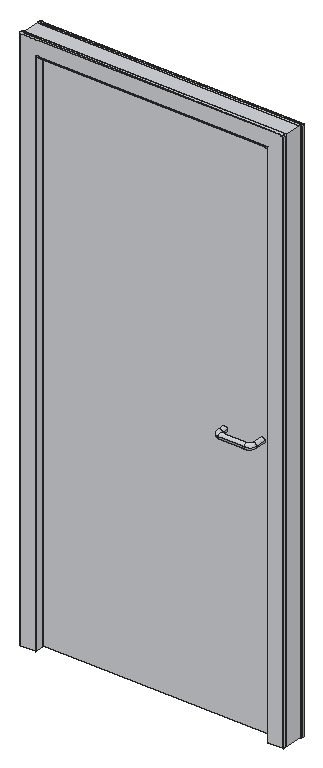
Revit family "Acoustique Tunnel 46db 1V", category Portes, Revit 2020
Family settings
  Hôte = Mur
  Numéro OmniClass = 23.30.10.00
  Titre OmniClass = Doors
  Toujours verticalement = Oui
  Couper avec des vides une fois chargée = Non
  Partagée = Non
  Point de calcul de pièce = Non
Parameters
  Fonction = Intérieur
  Projection - Ext. de l'encadrement = 25 mm
  Projection Int. de l'encadrement = 25 mm
  Largeur du cadre = 75 mm
  Hauteur = 2180 mm
  Fermeture du mur = Par hôte
  Largeur = 1055 mm
Reference planes
  plane 1: y = 0
  plane 2 "Centre (gauche/droite)": x = 0
  plane 3 "Gauche": x = -527.5
  plane 4 "Droite": x = 527.5
  plane 5: z = 2180
  plane 6 "Extérieur": y = 75
  plane 7 "Intérieur": y = -75
  plane 8 "Niv haut du vantail": z = 2124
  plane 9 "Niv bas Paumelle du bas": z = 120
  plane 10 "Niv bas Paumelle du haut": z = 1930
  plane 11 "Niv Axe béquille": z = 1035
Forms (mm)
  Sweep 1, solid
    path origin (0, 75, 0) x (1, 0, 0) y (0, 0, 1)
      loop
        line (-527.5, 0) -> (-527.5, 2180) -> (527.5, 2180) -> (527.5, 0)
    profile origin (-527.5, 75, 1090) x (-1, 0, 0) y (0, -1, 0)
      loop
        arc (-8, 0) -> (-5.879, 0.879) -> (-5, 3) r 3
        line (-5, 3) -> (-5, 12)
        arc (-5, 12) -> (-5.879, 14.121) -> (-8, 15) r 3
        line (-8, 15) -> (-8, 85)
        arc (-8, 85) -> (-5.879, 85.879) -> (-5, 88) r 3
        line (-5, 88) -> (-5, 97)
        arc (-5, 97) -> (-5.879, 99.121) -> (-8, 100) r 3
        line (-8, 100) -> (-66.777, 100)
        arc (-66.777, 100) -> (-68.898, 99.121) -> (-69.777, 97) r 3
        line (-69.777, 97) -> (-69.777, 65.972)
        arc (-69.777, 65.972) -> (-68.898, 63.85) -> (-66.777, 62.972) r 3
        line (-66.777, 62.972) -> (-51.277, 62.972)
        arc (-51.277, 62.972) -> (-50.216, 62.532) -> (-49.777, 61.472) r 1.5
        line (-49.777, 61.472) -> (-49.777, 2)
        arc (-49.777, 2) -> (-49.191, 0.586) -> (-47.777, 0) r 2
        line (-47.777, 0) -> (-8, 0)
  Extrusion 2, solid
    sketch origin (0, 0, 0) x (1, 0, 0) y (0, 1, 0)
      loop
        line (-471.516, 75) -> (-471.516, 17.028) -> (471.069, 17.028) -> (471.069, 75) -> (491.277, 75) -> (491.277, 87.028) -> (-491.495, 87.028) -> (-491.495, 75) -> (-471.516, 75)
    from 0 to 2124
  Extrusion 3, solid
    sketch origin (0, 0, 2124) x (1, 0, 0) y (0, 1, 0)
      loop
        line (-491.495, 75) -> (491.277, 75) -> (491.277, 87.028) -> (-491.495, 87.028) -> (-491.495, 75)
    from 0 to 20
  Sweep 4, solid
    path origin (0, 0, 1035) x (1, 0, 0) y (0, 1, 0)
      loop
        line (406.069, 87.028) -> (406.069, 130.028)
        arc (406.069, 130.028) -> (401.383, 141.342) -> (390.069, 146.028) r 16
        line (390.069, 146.028) -> (287.069, 146.028)
        arc (287.069, 146.028) -> (275.756, 141.342) -> (271.069, 130.028) r 16
        line (271.069, 130.028) -> (271.069, 106.028)
    profile origin (406.069, 108.528, 1035) x (-1, 0, 0) y (0, 0, 1)
      loop
        circle (0, 0) r 10
  Sweep 5, solid
    path origin (0, 104.057, 1035) x (1, 0, 0) y (0, -1, 0)
      loop
        line (406.069, 87.028) -> (406.069, 130.028)
        arc (406.069, 130.028) -> (401.383, 141.342) -> (390.069, 146.028) r 16
        line (390.069, 146.028) -> (287.069, 146.028)
        arc (287.069, 146.028) -> (275.756, 141.342) -> (271.069, 130.028) r 16
        line (271.069, 130.028) -> (271.069, 106.028)
    profile origin (406.069, -4.472, 1035) x (1, 0, 0) y (0, 0, 1)
      loop
        circle (0, 0) r 10
  Extrusion 6, solid
    sketch origin (0, 0, 120) x (1, 0, 0) y (0, 1, 0)
      loop
        circle (-503.495, 87) r 12
    from 0 to 150
  Extrusion 7, solid
    sketch origin (0, 0, 1930) x (1, 0, 0) y (0, 1, 0)
      loop
        circle (-503.495, 87) r 12
    from 0 to 150
Cuts and joins
  joined: Extrusion 2, Extrusion 3
Lines and regions (mm)
  Opening 1
    outline origin (-3050, -75, 0) x (1, 0, 0) y (0, 0, 1)
      loop
        line (2522.5, 0) -> (3577.5, 0) -> (3577.5, 2180) -> (2522.5, 2180) -> (2522.5, 0)
  symbolic lines, style "Sens d'ouverture de l'élévation"
    curve 1: line (527.5, -75, 1090) -> (-527.5, -75, 2180)
    curve 2: line (527.5, -75, 1090) -> (-527.5, -75, 0)
Text (mm)
  text "Extérieur" at (-2295.016, 1099.543, 0), in view "Niveau de réf."
  text "Extérieur" at (0, 1615.38, 3698.081), in view "Gauche"
  text "Extérieur" at (0, 1036.032, 3874.932), in view "Droite"
Dimensions and locks
  equal spacing: plane 3 "Gauche", plane 2 "Centre (gauche/droite)", plane 4 "Droite"
  "Largeur": plane 3 "Gauche" to plane 4 "Droite"
  "Hauteur": plane 5 to host wall
  equal spacing: host wall, curve 2, plane 5
  host wall to plane 5 = 2180 mm
  locked: plane 6 "Extérieur" to host wall
  locked: plane 7 "Intérieur" to host wall
  locked: plane 8 "Niv haut du vantail" to plane 5 at 56
  level to plane 9 "Niv bas Paumelle du bas" = 120 mm
  locked: plane 10 "Niv bas Paumelle du haut" to plane 5 at 250
  locked: level to plane 11 "Niv Axe béquille" at 1035
  locked: Sweep 4 sketch curve to cut or joined group of Extrusion 2, Extrusion 3 at 65
  Sweep 4 sketch curve to Sweep 4 sketch curve = 135 mm
  Sweep 4 sketch curve to cut or joined group of Extrusion 2, Extrusion 3 = 59 mm
  locked: Sweep 4 sketch curve to Sweep 4 sketch curve at 16  (x3)
  Sweep 4 sketch curve to Sweep 4 sketch curve = 16 mm
  Sweep 4 sketch curve to Sweep 4 sketch curve = 40 mm
  locked: cut or joined group of Extrusion 2, Extrusion 3 to Sweep 4 sketch curve
  Sweep 5 sketch curve to Sweep 5 sketch curve = 135 mm
  locked: Sweep 5 sketch curve to Sweep 5 sketch curve at 16  (x3)
  Sweep 5 sketch curve to Sweep 5 sketch curve = 16 mm
  Sweep 5 sketch curve to Sweep 5 sketch curve = 40 mm
  locked: Sweep 5 to cut or joined group of Extrusion 2, Extrusion 3
  locked: Extrusion 6 sketch curve to Sweep 1 at 12
  locked: Extrusion 6 sketch curve to cut or joined group of Extrusion 2, Extrusion 3 at 12
  locked: Extrusion 7 sketch curve to cut or joined group of Extrusion 2, Extrusion 3 at 12
  plane 6 "Extérieur" to Extrusion 7 sketch curve = 12 mm
  aligned and locked: plane 3 "Gauche" to Opening 1 sketch curve
  aligned and locked: plane 5 to Opening 1 sketch curve  (x2)
  aligned and locked: Opening 1 sketch curve to plane 4 "Droite"
  aligned and locked: Opening 1 sketch curve to level
  aligned and locked: plane 5 to curve 1
  aligned and locked: plane 3 "Gauche" to curve 2
  aligned and locked: plane 1 to host wall
  aligned and locked: plane 3 "Gauche" to curve 1
  aligned and locked: Sweep 1 sketch curve to plane 4 "Droite"
  aligned and locked: Sweep 1 sketch curve to plane 5
  aligned and locked: plane 3 "Gauche" to Sweep 1 sketch curve
  aligned and locked: plane 8 "Niv haut du vantail" to Extrusion 2
  aligned and locked: Extrusion 3 sketch curve to Extrusion 2  (x4)
Automatic sketch dimensions
  curve 2 to level = 0 mm
  plane 4 "Droite" to curve 2 = 0 mm
  Sweep 1 sketch curve to level = 0 mm  (x2)
  plane 6 "Extérieur" to Sweep 1 sketch curve = 0 mm
  profile plane to Sweep 1 sketch curve = 69.777 mm
  Sweep 1 sketch curve to Sweep 1 sketch curve = 3 mm  (x4)
  Sweep 1 sketch curve to Sweep 1 sketch curve = 15.5 mm
  plane 6 "Extérieur" to Sweep 1 sketch curve = 2 mm
  profile plane to Sweep 1 sketch curve = 49.777 mm
  profile plane to Sweep 1 sketch curve = 8 mm  (x3)
  Sweep 1 sketch curve to Sweep 1 sketch curve = 9 mm
  Sweep 1 sketch curve to Sweep 1 sketch curve = 59.472 mm
  Sweep 1 sketch curve to Sweep 1 sketch curve = 23.528 mm
  Sweep 1 sketch curve to Sweep 1 sketch curve = 31.028 mm
  Extrusion 2 sketch curve to host wall = 0 mm  (x2)
  Extrusion 2 sketch curve to plane 3 "Gauche" = 36.005 mm
  Extrusion 2 sketch curve to Extrusion 2 sketch curve = 19.979 mm
  plane 4 "Droite" to Extrusion 2 sketch curve = 56.431 mm
  Extrusion 2 sketch curve to Extrusion 2 sketch curve = 20.207 mm
  Extrusion 2 sketch curve to host wall = 17.028 mm
  host wall to Extrusion 2 sketch curve = 12.028 mm
  Sweep 4 sketch curve to plane 11 "Niv Axe béquille" = 0 mm
  Sweep 4 sketch curve to profile plane = 0 mm
  Sweep 5 sketch curve to plane 1 = 25.972 mm
  Sweep 5 sketch curve to plane 4 "Droite" = 256.431 mm
  plane 1 to Sweep 5 sketch curve = 17.028 mm
  Sweep 5 sketch curve to plane 11 "Niv Axe béquille" = 0 mm
  profile plane to Sweep 5 sketch curve = 0 mm
  radius of Sweep 4 sketch curve = 10 mm
  radius of Sweep 5 sketch curve = 10 mm
  radius of Extrusion 6 sketch curve = 12 mm
  radius of Extrusion 7 sketch curve = 12 mm
